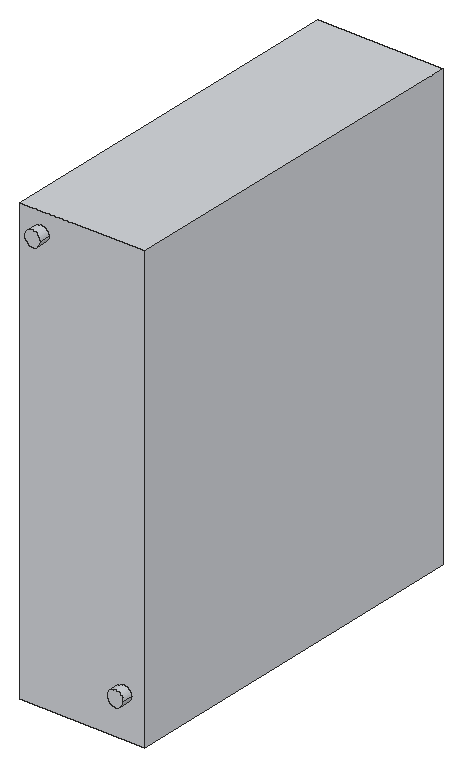
Revit family "594b2ad1931c42bab552df77e9a6748a", category Mechanical Equipment, Revit 2021
Family settings
  Round Connector Dimension = Use Radius
  Part Type = Normal
  OmniClass Number = 23.75.35.14
  OmniClass Title = Air Handling Units
  Seek Item ID = Rooftop AHU Coil - Hot Water-0000-USA-ENU
  Work Plane-Based = No
  Always vertical = Yes
  Cut with Voids When Loaded = No
  Shared = No
  Room Calculation Point = No
Parameters (values of type "1500 CFM")
  Water Pressure [instance] = 0.18 psi
  Water Flow [instance] = 1 GPM
  Unit Width = Duct Width  # 3' - 0"
  Unit Length = 1' - 0"
  Unit Height = Duct Height  # 3' - 7"
  Pipe Radius = 3/4"
  Part Shape = "Rectangular Duct"
  Model = "Outdoor Size 03"
  Duct Width = 36"
  Duct Height = 43"
  Default Elevation = 0' - 0"
  Air Pressure [instance] = 0.37 in-wg
  Air Flow [instance] = 1500 CFM
Types (10): name | Water Pressure | Water Flow | Unit Width | Unit Height | Pipe Radius | Model | Duct Width | Duct Height | Air Flow
  10500 CFM | 1.01 psi | 4 GPM | 6' - 10" | 5' - 6" | 1 1/4" | "Outdoor Size 21" | 82" | 66" | 10500 CFM
  12500 CFM | 1.14 psi | 4 GPM | 7' - 5" | 5' - 6" | 1 1/4" | "Outdoor Size 25" | 89" | 66" | 12500 CFM
  1500 CFM | 0.18 psi | 1 GPM | 3' - 0" | 3' - 7" | 3/4" | "Outdoor Size 03" | 36" | 43" | 1500 CFM
  15000 CFM | 1.43 psi | 3 GPM | 8' - 11" | 5' - 6" | 1 1/4" | "Outdoor Size 30" | 107" | 66" | 15000 CFM
  3000 CFM | 0.26 psi | 1 GPM | 4' - 1" | 3' - 7" | 3/4" | "Outdoor Size 06" | 49" | 43" | 3000 CFM
  4000 CFM | 0.36 psi | 1 GPM | 4' - 9" | 3' - 10" | 1" | "Outdoor Size 08" | 57" | 46" | 4000 CFM
  5000 CFM | 0.47 psi | 2 GPM | 5' - 10" | 3' - 10" | 1" | "Outdoor Size 10" | 70" | 46" | 5000 CFM
  6000 CFM | 0.60 psi | 2 GPM | 5' - 10" | 4' - 5" | 1" | "Outdoor Size 12" | 70" | 53" | 6000 CFM
  7000 CFM | 0.81 psi | 3 GPM | 6' - 3" | 4' - 5" | 1 1/4" | "Outdoor Size 14" | 75" | 53" | 7000 CFM
  8500 CFM | 0.81 psi | 4 GPM | 6' - 10" | 4' - 8" | 1 1/4" | "Outdoor Size 17" | 82" | 56" | 8500 CFM
Reference planes (in)
  plane 1 "Center (Front/Back)": y = 0
  plane 2: z = 0
  plane 3 "Center (Left/Right)": x = 0
  plane 4: x = -12
  plane 5: y = 36
  plane 6: z = 43
  plane 7: y = -1
  plane 8: z = 41
  plane 9: x = -10
  plane 10: x = -2
  plane 11: z = 4
Forms (in)
  Extrusion 1, solid
    sketch origin (0, 0, 0) x (1, 0, 0) y (0, 1, 0)
      loop
        line (-12, 36) -> (-12, 0) -> (0, 0) -> (0, 36) -> (-12, 36)
    from 0 to 43
  Extrusion 2, solid
    sketch origin (0, 0, 0) x (1, 0, 0) y (0, 0, 1)
      loop
        circle (-10, 41) r 0.75
    from 0 to 1
  Extrusion 3, solid
    sketch origin (0, 0, 0) x (1, 0, 0) y (0, 0, 1)
      loop
        circle (-2, 4) r 0.75
    from 0 to 1
Dimensions and locks (in)
  "Unit Length": plane 4 to plane 3 "Center (Left/Right)"
  "Unit Width": plane 5 to plane 1 "Center (Front/Back)"
  "Unit Height": plane 6 to plane 2
  locked: plane 7 to Extrusion 1 at 1
  locked: plane 3 "Center (Left/Right)" to plane 10 at 2
  locked: plane 11 to plane 2 at 4
  locked: plane 9 to plane 4 at 2
  locked: plane 6 to plane 8 at 2
  "Pipe Radius": radius of Extrusion 2 sketch curve
  "Pipe Radius": radius of Extrusion 3 sketch curve
  aligned and locked: plane 4 to Extrusion 1 sketch curve
  aligned and locked: Extrusion 1 sketch curve to plane 5
  aligned and locked: plane 1 "Center (Front/Back)" to Extrusion 1 sketch curve
  aligned and locked: Extrusion 1 sketch curve to plane 3 "Center (Left/Right)"
  aligned and locked: Extrusion 1 to plane 2
  aligned and locked: plane 6 to Extrusion 1
  aligned and locked: plane 8 to Extrusion 2 sketch curve
  aligned and locked: plane 9 to Extrusion 2 sketch curve
  aligned and locked: plane 11 to Extrusion 3 sketch curve
  aligned and locked: plane 10 to Extrusion 3 sketch curve
  aligned and locked: Extrusion 2 to plane 7
  aligned and locked: Extrusion 3 to plane 7
Automatic sketch dimensions
  plane 1 "Center (Front/Back)" to Extrusion 1 sketch curve = 0' - 0"
Connectors (in)
  hvac at (-12, 18, 21.5), driven by "Air Flow", driven by "Duct Height", driven by "Duct Width"
    settings: on Extrusion 1, index 1, duct flow 1500 CFM, flow factor 0, pres drop 0.00 in-wg, loss coef 0, conn angle 0.00°, conn width 36", conn height 43", conn diameter 24", duct sys type 1, conn prof type 1, flow config 0, flow direction 0, loss method 4, conn ref index 2, conn util no, is conn primary yes, conn desc ""
  hvac at (0, 18, 21.5), driven by "Air Pressure", driven by "Air Flow", driven by "Duct Height", driven by "Duct Width"
    settings: on Extrusion 1, index 2, duct flow 1500 CFM, flow factor 0, pres drop 0.37 in-wg, loss coef 0, conn angle 0.00°, conn width 36", conn height 43", conn diameter 24", duct sys type 1, conn prof type 1, flow config 0, flow direction 0, loss method 4, conn ref index 1, conn util no, is conn primary no, conn desc ""
  piping at (-10, -1, 41), diameter 1.5, driven by "Water Flow", driven by "Pipe Radius"
    settings: on Extrusion 2, index 3, connector inside diameter 1 1/2", connector length 0' - 0", flow factor 0, pipe flow 1 GPM, pressure drop 0.00 psi, fitting loss kfactor 0, connector angle 0.00°, fixture units 0, engagement length 0' - 0", angle of deflection 0.00°, flow configuration 1, flow direction 1, fitting loss method 4, system type 7, joint type 0, gender type 0, connector reference index 4, connector utility 0, adjustable connector no, is connector primary yes, connector description "Water Flow In"
  piping at (-2, -1, 4), diameter 1.5, driven by "Water Pressure", driven by "Water Flow", driven by "Pipe Radius"
    settings: on Extrusion 3, index 4, connector inside diameter 1 1/2", connector length 0' - 0", flow factor 0, pipe flow 1 GPM, pressure drop 0.18 psi, fitting loss kfactor 0, connector angle 0.00°, fixture units 0, engagement length 0' - 0", angle of deflection 0.00°, flow configuration 1, flow direction 2, fitting loss method 4, system type 8, joint type 0, gender type 0, connector reference index 3, connector utility 0, adjustable connector no, is connector primary no, connector description "Water Flow Out"
